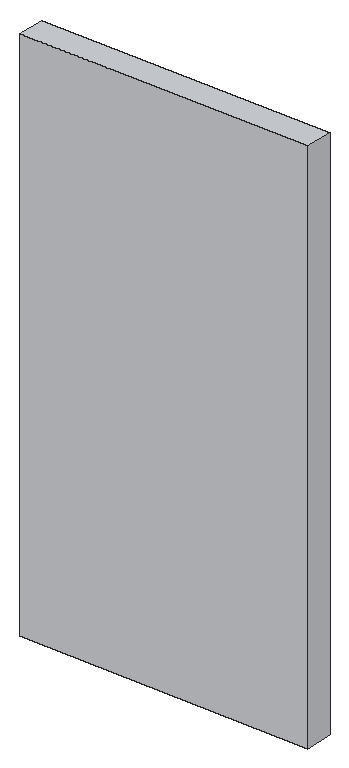
Revit family "Lighting_Fixture-Wall-Astro-Parma100", category Lighting Fixtures, host Face, Revit 2018
Family settings
  Host = Face
  Round Connector Dimension = Use Diameter
  Part Type = Normal
  OmniClass Number = 23.80.70.00
  OmniClass Title = Lighting
  Cut with Voids When Loaded = No
  Light Source = Yes
  Shared = No
  Room Calculation Point = No
Parameters (values of type "Type 1")
  Width = 70.0 mm
  Weight = "0.75 kg"
  Wattage Comments = "3w"
  Wattage = 3.98 W
  built-in parameter 1150110 = 1 (stored number, unit not read)
  Voltage = 230 V
  URL = "http://www.astrolighting.co.uk"
  Type Comments = "Includes LED driver"
  built-in parameter 1114217 = 1 (stored number, unit not read)
  Tilt Angle = -90.00°
  built-in parameter 1150109 = 1 (stored number, unit not read)
  built-in parameter 1150134 = (empty or 0)
  built-in parameter 1150113 = 1 (stored number, unit not read)
  Suitable for bathroom zone = "Zone 3"
  Product Documentation = "http://www.astrolighting.co.uk/products\r\n/kw/7019/7019_Parma-100"
  Photometric Web File = "7019 PARMA SINGLE.ies"
  Number of Poles = 1
  Mountable on normally flammable surfaces = "Yes"
  Model = "7019 Parma 100"
  Manufacturer = "Astro Lighting Ltd, CM20 2DP"
  Lumens = 104.276 lm
  Luminaire Lamp Efficiency Rating = "-"
  built-in parameter 1150115 = 1 (stored number, unit not read)
  built-in parameter 1150105 = 8.298 (stored number, unit not read)
  Light Source From Wall = 80.0 mm
  Light Source Elevation = 1590.0 mm
  built-in parameter 1150137 = (empty or 0)
  built-in parameter 1150139 = (empty or 0)
  Length = 100.0 mm
  built-in parameter 1150112 = 1 (stored number, unit not read)
  built-in parameter 1150114 = 1 (stored number, unit not read)
  Lamp included = "Yes"
  Lamp = "LED"
  built-in parameter 1150132 = (empty or 0)
  built-in parameter 1150102 = (empty or 0)
  built-in parameter 1150138 = (empty or 0)
  built-in parameter 1150107 = 3000 (stored number, unit not read)
  built-in parameter 1150106 = 0.08298 (stored number, unit not read)
  IP Rating = "IP20"
  Height = 100.0 mm
  Heatsink Material = Astro - Aluminium - Anodised
  Energy Efficiency Rating = "-"
  built-in parameter 1150104 = 2.4341 (stored number, unit not read)
  Dimming Lamp Color Temperature Shift = <None>
  Dimmable = "No"
  Description = "Wall Light"
  Default Elevation [instance] = 1700.0 mm
  Color Filter = 16777215
  Class = 1
  Casing Material = Astro - Plaster - Natural
  built-in parameter 1114218 = 1 (stored number, unit not read)
  built-in parameter 1150133 = 10 (stored number, unit not read)
  Manufacturer Contact = "01279 427001"
  Apparent Load = 3.98 VA
Reference planes
  plane 1: y = -75
  plane 2 "Light Source Axis (L/R)": x = 125
  plane 3 "Light Source Axis (F/R)": y = 80
  plane 4 "Light Source Elevation": z = 1590
  plane 5: y = -150
  plane 6 "Center (Elevation)": z = 1600
  plane 7: z = 0
  plane 8 "Top": z = 1650
  plane 9 "Bottom": z = 1550
  plane 10 "Left": x = 160
  plane 11 "Right": x = 90
  plane 12 "Front": y = 100
  plane 13: y = 0
  plane 14: z = 1560
  plane 15: y = 90
  plane 16: x = 100
  plane 17: x = 150
Forms (mm)
  Extrusion 1, solid
    sketch origin (140, -150, 1500) x (0, 0, 1) y (1, 0, 0)
      loop
        line (-1500, -800) -> (1500, -800) -> (1500, 800) -> (-1500, 800) -> (-1500, -800)
    from 0 to 150
  Extrusion 2, solid, material "Astro - Plaster - Natural" <- "Casing Material"
    sketch origin (1573.638, 225, 1600) x (1, 0, 0) y (0, 1, 0)
      loop
        line (-1483.638, -125) -> (-1483.638, -225) -> (-1413.638, -225) -> (-1413.638, -125) -> (-1483.638, -125)
    from -50 to 50
  Extrusion 3, solid, not visible
    sketch origin (0, 80, 0) x (1, 0, 0) y (0, 0, 1)
      loop
        circle (125, 1595) r 8
    from 66.611 to 80
  Extrusion 4, void
    sketch origin (1573.638, 225, 1600) x (0, 1, 0) y (1, 0, 0)
      loop
        line (-135, -1473.638) -> (-135, -1423.638) -> (-225, -1423.638) -> (-225, -1473.638) -> (-135, -1473.638)
    from -50 to 40
  Extrusion 5, solid, material "Astro - Glass - Clear"
    sketch origin (1573.638, 225, 1600) x (1, 0, 0) y (0, 1, 0)
      loop
        line (-1470.138, -136) -> (-1470.138, -172) -> (-1427.138, -172) -> (-1427.138, -136) -> (-1470.138, -136)
    from -6 to -4
  Extrusion 6, solid, material "Astro - Aluminium - Anodised" <- "Heatsink Material"
    sketch origin (125, 0, 0) x (0, 1, 0) y (0, 0, 1)
      loop
        line (90, 1560) -> (90, 1581)
        arc (90, 1581) -> (88.536, 1584.536) -> (85, 1586) r 5
        line (85, 1586) -> (54.929, 1586)
        arc (54.929, 1586) -> (52.073, 1587.183) -> (50.89, 1590.039) r 4.039
        line (50.89, 1590.039) -> (50.89, 1596.271)
        arc (50.89, 1596.271) -> (50.769, 1596.956) -> (50.421, 1597.558) r 2
        line (50.421, 1597.558) -> (30.489, 1621.286)
        arc (30.489, 1621.286) -> (29.803, 1621.813) -> (28.958, 1622) r 2
        line (28.958, 1622) -> (0, 1622) -> (0, 1560) -> (90, 1560)
    from -25 to 25
Cuts and joins
  Extrusion 4 cuts Extrusion 2
Text (mm)
  text "Placement side" at (-1787.139, 1116.779, 0), in view "Ref. Level"
  text "Placement side" at (0, 2110.396, 2986.058), in view "Left"
  text "Placement side" at (0, 628.478, 3011.967), in view "Right"
Dimensions and locks
  equal spacing: plane 9 "Bottom", plane 6 "Center (Elevation)", plane 8 "Top"
  "Height": plane 9 "Bottom" to plane 8 "Top"
  equal spacing: plane 11 "Right", plane 2 "Light Source Axis (L/R)", plane 10 "Left"
  "Width": plane 11 "Right" to plane 10 "Left"
  locked: plane 1 to plane 13 at 75
  "Length": plane 12 "Front" to plane 13
  "Light Source From Wall": plane 3 "Light Source Axis (F/R)" to plane 13
  "Light Source Elevation": plane 7 to plane 4 "Light Source Elevation"
  locked: plane 9 "Bottom" to plane 14 at 10
  locked: plane 15 to plane 12 "Front" at 10
  locked: plane 11 "Right" to plane 16 at 10
  locked: plane 17 to plane 10 "Left" at 10
  locked: Extrusion 5 sketch curve to Extrusion 5 sketch curve at 36
  locked: Extrusion 5 sketch curve to Extrusion 5 sketch curve at 43
  equal spacing: Extrusion 5 sketch curve, imposter light, Extrusion 5 sketch curve
  locked: Extrusion 5 sketch curve to plane 15 at 1
  locked: plane 9 "Bottom" to Extrusion 5 at 46
  locked: Extrusion 5 to Extrusion 5 at 2
  locked: plane 9 "Bottom" to Extrusion 6 sketch curve at 72
  locked: plane 9 "Bottom" to Extrusion 6 sketch curve at 36
  locked: Extrusion 6 sketch curve to plane 9 "Bottom" at 46.271
  locked: Extrusion 6 sketch curve to plane 13 at 50.89
  locked: Extrusion 6 sketch curve to plane 13 at 28.958
  Extrusion 3 sketch curve to plane 9 "Bottom" = 45.0 mm
  aligned and locked: plane 2 "Light Source Axis (L/R)" to imposter light
  aligned and locked: plane 3 "Light Source Axis (F/R)" to imposter light
  aligned and locked: plane 4 "Light Source Elevation" to imposter light
  aligned and locked: Extrusion 2 sketch curve to plane 12 "Front"
  aligned and locked: Extrusion 2 sketch curve to plane 11 "Right"
  aligned and locked: plane 10 "Left" to Extrusion 2 sketch curve
  aligned and locked: Extrusion 2 to plane 9 "Bottom"
  aligned and locked: plane 8 "Top" to Extrusion 2
  aligned and locked: Extrusion 3 to plane 13
  aligned and locked: Extrusion 4 sketch curve to plane 13
  aligned and locked: plane 8 "Top" to Extrusion 4
  aligned and locked: Extrusion 4 to plane 14
  aligned and locked: plane 15 to Extrusion 4 sketch curve
  aligned and locked: plane 16 to Extrusion 4 sketch curve
  aligned and locked: plane 17 to Extrusion 4 sketch curve
  aligned and locked: Extrusion 6 sketch curve to plane 14
  aligned and locked: Extrusion 6 sketch curve to plane 15
  aligned and locked: Extrusion 6 sketch curve to plane 13
  aligned and locked: plane 16 to Extrusion 6
  aligned and locked: Extrusion 6 to plane 17
Automatic sketch dimensions
  Extrusion 1 sketch curve to Extrusion 1 sketch curve = 3000.0 mm
  Extrusion 1 sketch curve to Extrusion 1 sketch curve = 1600.0 mm
  Extrusion 2 sketch curve to plane 13 = 0.0 mm
  plane 6 "Center (Elevation)" to Extrusion 6 sketch curve = 21.286 mm
  Extrusion 6 sketch curve to Extrusion 6 sketch curve = 1.531 mm
  Extrusion 6 sketch curve to Extrusion 6 sketch curve = 2.0 mm
  Extrusion 6 sketch curve to plane 6 "Center (Elevation)" = 2.442 mm
  Extrusion 6 sketch curve to Extrusion 6 sketch curve = 4.039 mm
  Extrusion 6 sketch curve to Extrusion 6 sketch curve = 5.0 mm
  Extrusion 3 sketch curve to plane 2 "Light Source Axis (L/R)" = 0.0 mm
  radius of Extrusion 3 sketch curve = 8.0 mm
Connectors
  electrical at (125, 0, 1595), driven by "Number of Poles", driven by "Voltage", driven by "Apparent Load"
    settings: on Extrusion 3, index 1, voltage 230 V, apparent load 0 VA, apparent load phase1 3.98 VA, apparent load phase2 0 VA, apparent load phase3 0 VA, power factor 1, load classification "Other", number of poles 1, system type 31, power factor state 1, is connector primary yes, connector utility no, sub classification motor no, connector description ""
